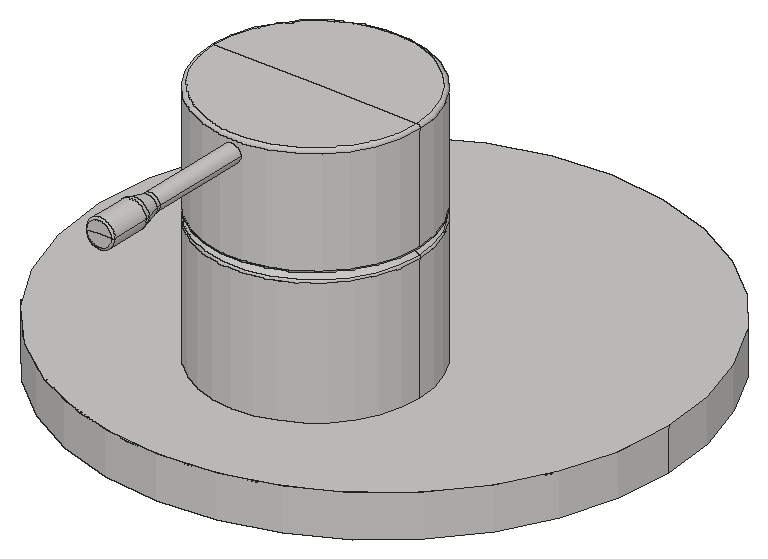
Revit family "PlumbingFixture_GroheLimited_EssenceTrimsetShower_19286001_METRIC1", category Plumbing Fixtures, host Face, Revit 2015
Parameters (values of type "19286001")
  _DistributedBy = "www.bimstore.co.uk"
  _CurrentRevision = 1
  _CreatedBy = "www.bimstore.co.uk"
  _BimSpecGuid = 0
  _BSBibleVersion = 14
  _AuthorizedBy = "Kris Atkinson"
  _Author = "Ryan Lashley"
  Waste Connection = no
  WarrantyStartDate [instance] = "Please Record On Commissioning."
  WarrantyGuarantorParts = "info-uk@grohe.com"
  WarrantyGuarantorLabor = "info-uk@grohe.com"
  WarrantyDurationUnit = "Years"
  WarrantyDurationParts = "n/a"
  WarrantyDurationLabor = "n/a"
  WarrantyDescription = "n/a"
  WFU = 0
  Vent Connection = no
  URL = "www.grohe.com"
  TypeName = "Essence Single-lever shower mixer trim"
  Type Comments = "19286001"
  SpareParts = "n/a"
  Size = "n/a"
  Shape = "n/a"
  SerialNumber [instance] = "Please Record On Commissioning."
  ReplacementCost = "n/a"
  ReferencedStandard = "n/a"
  ProductionYear = "2017"
  ProductPageURL = "https://www.grohe.co.uk/en_gb/essence-single-lever-shower-mixer-trim-19286001.html"
  ProductDocumentationLink = "https://www.grohe.co.uk/en_gb/essence-single-lever-shower-mixer-trim-19286001.html"
  PrimaryMaterial = GroheLimited-Chorme
  PercentageOfRecycledContent = "n/a"
  NominalLength = 0 mm
  NominalHeight = 0 mm
  NominalDepth = 0 mm
  NBSReference = "45-35-70/330"
  NBSOfficeMasterTag = "n/a"
  NBSObjectName = "Grohe Limited - Shower fittings package"
  NBSNote = ""
  NBSDescription = "Shower fittings package"
  ModelReference = "Essence Single-lever shower mixer trim"
  ModelNumber = "19286001"
  Model = "Essence Single-lever shower mixer trim"
  Material = "Chrome"
  MasterformatTitle = "Sanitary Facilities"
  MasterformatNumber = "01 52 19"
  ManufacturerName = "Grohe Limited"
  Manufacturer = "Grohe Limited"
  LowEmittingMaterial = no
  LEEDCredit = "n/a"
  Keynote = "N13"
  InstallationDate [instance] = "Please Record On Commissioning."
  IndustryStandards = "n/a"
  IfcExportType = "IfcPipeFittingType"
  IfcExportAs = "IfcPipeFitting"
  HotWaterConnectionDiameter = 10 mm
  HWFU = 4.5
  HW Connection = no
  Grade = "n/a"
  Finish = "Chrome"
  Features = "This shower tap of the GROHE Essence range is crafted in an elegant design of cylindrical shapes. Finished in durable GROHE StarLight chrome, this single-lever mixer comes with a rich lustre making it an attractive eye-catcher in your bathroom. A quick wipe with a dry cloth is enough to keep it looking shiny and new. To install this single-lever mixer, please purchase the matching GROHE concealed body 35501000. With the GROHE SilkMove cartridge technology integrated in the concealed body, water temperature and volume can be controlled smoothly and effortlessly, making this shower tap a perfect choice for your bathroom."
  ExpectedLife = 0
  Ecojoy = no
  DurationUnit = "Years"
  DocumentationTechnical = "n/a"
  DocumentationMaintenance = "n/a"
  DocumentationLiterature = "n/a"
  DocumentationInstallationGuide = "n/a"
  DocumentationCertificates = "n/a"
  Description = "This shower tap of the GROHE Essence range is crafted in an elegant design of cylindrical shapes. Finished in durable GROHE StarLight chrome, this single-lever mixer comes with a rich lustre making it an attractive eye-catcher in your bathroom. A quick wipe with a dry cloth is enough to keep it looking shiny and new. To install this single-lever mixer, please purchase the matching GROHE concealed body 35501000. With the GROHE SilkMove cartridge technology integrated in the concealed body, water temperature and volume can be controlled smoothly and effortlessly, making this shower tap a perfect choice for your bathroom."
  Default Elevation = 0 mm
  CreatedOn = "2017-06-01T09:00:00"
  CreatedBy = "info-uk@grohe.com"
  Cost = 0
  Constituents = "n/a"
  Color = "Chrome"
  ColdWaterConnectionDiameter = 10 mm
  CodePerformance = "n/a"
  ClassificationValue = "Pr_40_20_87_75"
  ClassificationName = "Uniclass2015"
  CWFU = 4.5
  CW Connection = no
  BarCode [instance] = "Please Record On Commissioning."
  BIMObjectName = "PlumbingFixture_GroheLimited_EssenceTrimsetShower_19286001_METRIC"
  AssetType = "Fixed"
  AssetIdentifier [instance] = "Please Record On Commissioning."
  Assembly Code = "D2010"
  AccessibilityPerformance = "n/a"
  ADACompliant = no
Types (10, lengths in mm): name | Type Comments | PrimaryMaterial | ModelNumber | Material | Finish | Color
  (no name) | "19286001" | GroheLimited-Chorme | "19286001" | "Chrome" | "Chrome" | "Chrome"
  19286001 | "19286001" | GroheLimited-Chorme | "19286001" | "Chrome" | "Chrome" | "Chrome"
  19286A01 | "19286A01" | GroheLimited-HardGraphite | "19286A01" | "Hard Graphite" | "Hard Graphite" | "Hard Graphite"
  19286AL1 | "19286AL1" | GroheLimited-BrushedHardGraphite | "19286AL1" | "Brushed Hard Graphite" | "Brushed Hard Graphite" | "Brushed Hard Graphite"
  19286BE1 | "19286BE1" | GroheLimited-Nickel | "19286BE1" | "Nickel" | "Nickel" | "Nickel"
  19286DA1 | "19286DA1" | GroheLimited-WarmSunset | "19286DA1" | "Warm Sunset" | "Warm Sunset" | "Warm Sunset"
  19286DL1 | "19286DL1" | GroheLimited-BrushedWarmSunset | "19286DL1" | "Brushed Warm Sunset" | "Brushed Warm Sunset" | "Brushed Warm Sunset"
  19286EN1 | "19286EN1" | GroheLimited-BrushedNickel | "19286EN1" | "Brushed Nickel" | "Brushed Nickel" | "Brushed Nickel"
  19286GL1 | "19286GL1" | GroheLimited-CoolSunrise | "19286GL1" | "Cool Sunrise" | "Cool Sunrise" | "Cool Sunrise"
  19286GN1 | "19286GN1" | GroheLimited-BrushedCoolSunrise | "19286GN1" | "Brushed Cool Sunrise" | "Brushed Cool Sunrise" | "Brushed Cool Sunrise"
Reference planes
  plane 1 "Center (Front/Back)": y = 0
  plane 2: z = 0
  plane 3 "Center (Left/Right)": x = 0
  plane 4: y = -24.7
Forms (mm)
  Extrusion 1, solid, material "GroheLimited-Chorme" <- "PrimaryMaterial"
    sketch origin (0, 47.019, 145.7) x (0, 1, 0) y (-1, 0, 0)
      loop
        circle (-47.019, 0) r 81.5
    from -145.7 to -133.7
  Revolve 2, solid, material "GroheLimited-Chorme" <- "PrimaryMaterial"
    sketch origin (-110.38, -24.7, 1219.2) x (-1, 0, 0) y (0, 0, 1)
      loop
        line (-110.38, -1207.2) -> (-110.38, -1137.2) -> (-139.38, -1137.2)
        arc (-139.38, -1137.2) -> (-140.088, -1137.493) -> (-140.38, -1138.2) r 1
        line (-140.38, -1138.2) -> (-140.38, -1168.347)
        arc (-140.38, -1168.347) -> (-140.206, -1168.72) -> (-139.809, -1168.827) r 0.487
        line (-139.809, -1168.827) -> (-137.83, -1168.478) -> (-140.088, -1170.735)
        arc (-140.088, -1170.735) -> (-140.304, -1171.06) -> (-140.38, -1171.442) r 1
        line (-140.38, -1171.442) -> (-140.38, -1207.2) -> (-110.38, -1207.2)
      axis (-110.38, -1137.2) -> (-110.38, -1207.2)
    angle from 0 to 360
  Revolve 3, solid, material "GroheLimited-Chorme" <- "PrimaryMaterial"
    sketch origin (0, 47.019, 77.45) x (0, 1, 0) y (-1, 0, 0)
      loop
        line (-71.719, 0) -> (-149.025, 0) -> (-149.025, -3.505)
        arc (-149.025, -3.505) -> (-148.878, -3.859) -> (-148.525, -4.005) r 0.5
        line (-148.525, -4.005) -> (-137.485, -4.005)
        arc (-137.485, -4.005) -> (-136.839, -3.964) -> (-136.204, -3.839) r 5
        line (-136.204, -3.839) -> (-131.937, -2.708)
        arc (-131.937, -2.708) -> (-131.302, -2.583) -> (-130.656, -2.541) r 5
        line (-130.656, -2.541) -> (-71.719, -2.541) -> (-71.719, 0)
      axis (-71.719, 0) -> (-149.025, 0)
    angle from 0 to 360
Cuts and joins
  joined: Extrusion 1, Revolve 2, Revolve 3
Dimensions and locks
  radius of Extrusion 1 sketch curve = 81.5 mm
  aligned and locked: plane 2 to host face
  aligned and locked: level to host face
  aligned and locked: plane 1 "Center (Front/Back)" to Extrusion 1 sketch curve
  aligned and locked: plane 3 "Center (Left/Right)" to Extrusion 1 sketch curve
  aligned and locked: Extrusion 1 to level
  aligned and locked: Revolve 2 sketch curve to plane 3 "Center (Left/Right)"
  aligned and locked: Revolve 3 sketch curve to plane 3 "Center (Left/Right)"
